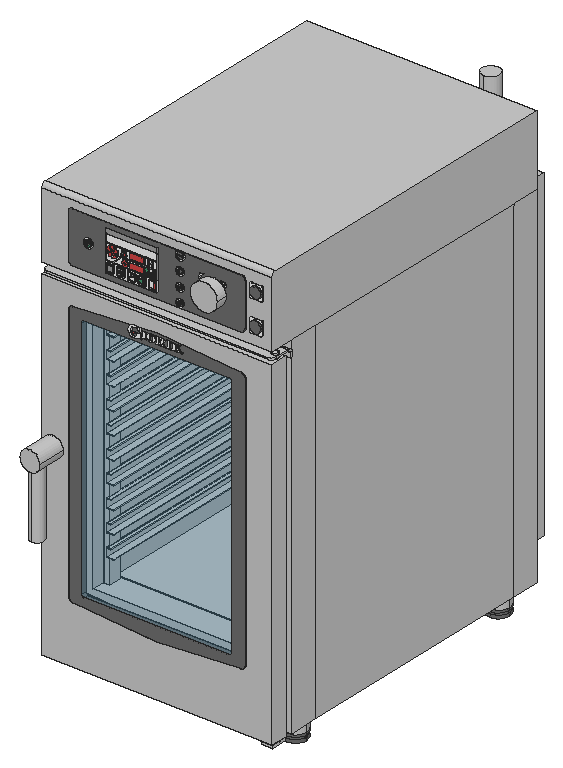
Revit family "QF_GIORIK_KH101_KT101_KP101_KH101W_KT101W_KP101W", category Specialty Equipment, Revit 2014
Parameters (values of type "KH101")
  Weight in Pounds = 242.508
  Watts = 14800 W
  Waste Water Discharge Temperature = 0 °C
  Volts = 400 V
  URL Cutsheet = ""
  URL = "www.giorik.com"
  Show Legs [instance] = yes
  Plumbing Remarks [instance] = ""
  Plumbing Connection Type [instance] = ""
  Legs height [instance] = if(Show Legs, 55 mm, 0 mm)  # 55 mm
  Indirect Waste Size = 1 1/2"
  Indirect Waste Flow = 0.0 L/s
  Indirect Waste Connection Type [instance] = ""
  Indirect Waste Connection Height = 89 mm
  Digital control = no
  Touch screen control = not(Digital control)  # yes
  Status [instance] = ""
  Specification by User [instance] = ""
  Specification by Manufacturer = ""
  Serial Number = ""
  Seismic Rating = ""
  SMACNA No = ""
  Right Hinged Door [instance] = yes
  Revision Code [instance] = ""
  Phase = 3
  Number of Poles [instance] = 3
  Left Hinged Door [instance] = not(Right Hinged Door)  # no
  NAFEM Spec ID Number = ""
  Model = "KH101"
  Min Ckt Ampacity = 0 A
  Max Overcurrent Protection = 20 A
  Masterspec = ""
  Manufacturer = "GIORIK"
  Show Logo [instance] = yes
  Show Clearance [instance] = yes
  Item Number [instance] = ""
  Installed By [instance] = ""
  Identify Quantity as Lot [instance] = no
  HP = "0"
  Furnished By [instance] = ""
  Foodservice Equipment Identifier [instance] = yes
  FL Amps = 0 A
  Electrical Remarks [instance] = ""
  Electric Connection Type [instance] = ""
  Elec Conn RI Height [instance] = 0 mm
  Elec Conn Connection Height [instance] = 889 mm
  Description = "ELECTRIC OVEN 10 GN 1/1 COMBINED CONVECTION/STEAM TOUCH SCREEN CONTROL - HIGH EFFICIENCY BOILER VERSION"
  Cycle = 50 Hz
  Conn Plug = ""
  Conn Conduit [instance] = no
  Cold Water Temperature Recommended = 0 °C
  Cold Water Size = 3/4"
  Cold Water RI Height [instance] = 0 mm
  Cold Water Minimum Pressure [instance] = 150.0 kPa
  Cold Water Maximum Pressure [instance] = 600.0 kPa
  Cold Water Flow [instance] = 0.0 L/s
  Cold Water Consumption [instance] = ""
  Cold Water Connection Height = 98 mm
  CSI MasterFormat = ""
  Assembly Code = "E1090320"
  Apparent Power = 14800 VA
Reference planes
  plane 1 "Back": y = 0
  plane 2: z = 0
  plane 3 "Left": x = 0
  plane 4 "Right": x = 519
  plane 5 "Front": y = -803
  plane 6 "Top": z = 1010
  plane 7 "Legs height": z = 55
  plane 8 "Front oven": y = -748
Forms (mm)
  Extrusion 1, solid
    sketch origin (0, 0, 0) x (1, 0, 0) y (0, 0, 1)
      loop
        line (0, 55) -> (519, 55) -> (519, 850) -> (0, 850) -> (0, 55)
    from 120 to 683
  Extrusion 2, solid
    sketch origin (0, -803, 0) x (-1, 0, 0) y (0, 0, 1)
      loop
        line (-519, 825) -> (-519, 55) -> (0, 55) -> (0, 825) -> (-519, 825)
      loop
        line (-60, 195.46) -> (-60, 774.54)
        arc (-60, 774.54) -> (-63.635, 782.253) -> (-71.898, 784.358) r 10
        arc (-71.898, 784.358) -> (-259.5, 796.841) -> (-447.102, 784.358) r 1415.936
        arc (-447.102, 784.358) -> (-455.365, 782.253) -> (-459, 774.54) r 10
        line (-459, 774.54) -> (-459, 195.46)
        arc (-459, 195.46) -> (-455.365, 187.747) -> (-447.102, 185.642) r 10
        arc (-447.102, 185.642) -> (-259.5, 173.159) -> (-71.898, 185.642) r 1415.936
        arc (-71.898, 185.642) -> (-63.635, 187.747) -> (-60, 195.46) r 10
    from 0 to 40
  Extrusion 3, solid, visible <- "Right Hinged Door"
    sketch origin (-275, -803, 200) x (-1, 0, 0) y (0, 0, 1)
      loop
        circle (-300, 285) r 22.5
    from 0 to -65
  Extrusion 4, solid
    sketch origin (0, -803, 0) x (-1, 0, 0) y (0, 0, 1)
      loop
        line (-96, 765) -> (-423, 765)
        arc (-423, 765) -> (-427.243, 763.243) -> (-429, 759) r 6
        line (-429, 759) -> (-429, 211)
        arc (-429, 211) -> (-427.243, 206.757) -> (-423, 205) r 6
        line (-423, 205) -> (-96, 205)
        arc (-96, 205) -> (-91.757, 206.757) -> (-90, 211) r 6
        line (-90, 211) -> (-90, 759)
        arc (-90, 759) -> (-91.757, 763.243) -> (-96, 765) r 6
    from 0 to 10
  Extrusion 5, solid
    sketch origin (0, 0, 1010) x (0, 1, 0) y (-1, 0, 0)
      loop
        line (-717, -70.5) -> (-705, -70.5) -> (-705, -69.5) -> (-718, -69.5) -> (-718, -85) -> (-691, -85) -> (-691, -84) -> (-717, -84) -> (-717, -70.5)
      loop
        line (-227, -105.5) -> (-227, -84) -> (-252, -84) -> (-252, -85) -> (-228, -85) -> (-228, -106.5) -> (-220, -106.5) -> (-220, -105.5) -> (-227, -105.5)
      loop
        line (-717, -448.5) -> (-717, -435) -> (-691, -435) -> (-691, -434) -> (-718, -434) -> (-718, -449.5) -> (-705, -449.5) -> (-705, -448.5) -> (-717, -448.5)
      loop
        line (-227, -413.5) -> (-220, -413.5) -> (-220, -412.5) -> (-228, -412.5) -> (-228, -434) -> (-252, -434) -> (-252, -435) -> (-227, -435) -> (-227, -413.5)
    from -211 to -821
  Extrusion 6, solid
    sketch origin (0, -748, 0) x (-1, 0, 0) y (0, 0, 1)
      loop
        line (-101, 251) -> (-101, 250) -> (-85, 250) -> (-85, 270) -> (-95, 270) -> (-95, 269) -> (-86, 269) -> (-86, 251) -> (-101, 251)
      loop
        line (-418, 251) -> (-433, 251) -> (-433, 269) -> (-424, 269) -> (-424, 270) -> (-434, 270) -> (-434, 250) -> (-418, 250) -> (-418, 251)
      loop
        line (-101, 301) -> (-101, 300) -> (-85, 300) -> (-85, 320) -> (-95, 320) -> (-95, 319) -> (-86, 319) -> (-86, 301) -> (-101, 301)
      loop
        line (-418, 301) -> (-433, 301) -> (-433, 319) -> (-424, 319) -> (-424, 320) -> (-434, 320) -> (-434, 300) -> (-418, 300) -> (-418, 301)
      loop
        line (-101, 351) -> (-101, 350) -> (-85, 350) -> (-85, 370) -> (-95, 370) -> (-95, 369) -> (-86, 369) -> (-86, 351) -> (-101, 351)
      loop
        line (-418, 351) -> (-433, 351) -> (-433, 369) -> (-424, 369) -> (-424, 370) -> (-434, 370) -> (-434, 350) -> (-418, 350) -> (-418, 351)
      loop
        line (-101, 401) -> (-101, 400) -> (-85, 400) -> (-85, 420) -> (-95, 420) -> (-95, 419) -> (-86, 419) -> (-86, 401) -> (-101, 401)
      loop
        line (-418, 401) -> (-433, 401) -> (-433, 419) -> (-424, 419) -> (-424, 420) -> (-434, 420) -> (-434, 400) -> (-418, 400) -> (-418, 401)
      loop
        line (-101, 451) -> (-101, 450) -> (-85, 450) -> (-85, 470) -> (-95, 470) -> (-95, 469) -> (-86, 469) -> (-86, 451) -> (-101, 451)
      loop
        line (-418, 451) -> (-433, 451) -> (-433, 469) -> (-424, 469) -> (-424, 470) -> (-434, 470) -> (-434, 450) -> (-418, 450) -> (-418, 451)
      loop
        line (-101, 501) -> (-101, 500) -> (-85, 500) -> (-85, 520) -> (-95, 520) -> (-95, 519) -> (-86, 519) -> (-86, 501) -> (-101, 501)
      loop
        line (-418, 501) -> (-433, 501) -> (-433, 519) -> (-424, 519) -> (-424, 520) -> (-434, 520) -> (-434, 500) -> (-418, 500) -> (-418, 501)
      loop
        line (-101, 551) -> (-101, 550) -> (-85, 550) -> (-85, 570) -> (-95, 570) -> (-95, 569) -> (-86, 569) -> (-86, 551) -> (-101, 551)
      loop
        line (-418, 551) -> (-433, 551) -> (-433, 569) -> (-424, 569) -> (-424, 570) -> (-434, 570) -> (-434, 550) -> (-418, 550) -> (-418, 551)
      loop
        line (-101, 601) -> (-101, 600) -> (-85, 600) -> (-85, 620) -> (-95, 620) -> (-95, 619) -> (-86, 619) -> (-86, 601) -> (-101, 601)
      loop
        line (-418, 601) -> (-433, 601) -> (-433, 619) -> (-424, 619) -> (-424, 620) -> (-434, 620) -> (-434, 600) -> (-418, 600) -> (-418, 601)
      loop
        line (-101, 651) -> (-101, 650) -> (-85, 650) -> (-85, 670) -> (-95, 670) -> (-95, 669) -> (-86, 669) -> (-86, 651) -> (-101, 651)
      loop
        line (-418, 651) -> (-433, 651) -> (-433, 669) -> (-424, 669) -> (-424, 670) -> (-434, 670) -> (-434, 650) -> (-418, 650) -> (-418, 651)
      loop
        line (-101, 701) -> (-101, 700) -> (-85, 700) -> (-85, 720) -> (-95, 720) -> (-95, 719) -> (-86, 719) -> (-86, 701) -> (-101, 701)
      loop
        line (-418, 701) -> (-433, 701) -> (-433, 719) -> (-424, 719) -> (-424, 720) -> (-434, 720) -> (-434, 700) -> (-418, 700) -> (-418, 701)
    from 20 to 520
  Extrusion 7, solid, visible <- "Show Clearance", detail levels coarse
    sketch origin (430, -505, 0) x (1, 0, 0) y (0, 1, 0)
      loop
        line (-430, -298) -> (-430, 505) -> (89, 505) -> (89, -298) -> (189, -298) -> (189, 605) -> (-530, 605) -> (-530, -298) -> (-430, -298)
    from 0 to 1010
  Extrusion 8, solid, visible <- "Right Hinged Door", detail levels coarse
    sketch origin (0, -8, 55) x (0, 1, 0) y (-1, 0, 0)
      loop
        line (-795, -519) -> (-795, 0)
        arc (-795, 0) -> (-1150.31, -135.689) -> (-1314, -479) r 512
        line (-1314, -479) -> (-1314, -519) -> (-795, -519)
    from 0 to 770
  Extrusion 9, solid
    sketch origin (0, -803, 0) x (-1, 0, 0) y (0, 0, 1)
      loop
        arc (-447.102, 784.358) -> (-455.365, 782.253) -> (-459, 774.54) r 10
        line (-459, 774.54) -> (-459, 195.46)
        arc (-459, 195.46) -> (-455.365, 187.747) -> (-447.102, 185.642) r 10
        arc (-447.102, 185.642) -> (-259.5, 173.159) -> (-71.898, 185.642) r 1415.936
        arc (-71.898, 185.642) -> (-63.635, 187.747) -> (-60, 195.46) r 10
        line (-60, 195.46) -> (-60, 774.54)
        arc (-60, 774.54) -> (-63.635, 782.253) -> (-71.898, 784.358) r 10
        arc (-71.898, 784.358) -> (-259.5, 796.841) -> (-447.102, 784.358) r 1415.936
      loop
        arc (-90, 759) -> (-91.757, 763.243) -> (-96, 765) r 6
        line (-96, 765) -> (-423, 765)
        arc (-423, 765) -> (-427.243, 763.243) -> (-429, 759) r 6
        line (-429, 759) -> (-429, 211)
        arc (-429, 211) -> (-427.243, 206.757) -> (-423, 205) r 6
        line (-423, 205) -> (-96, 205)
        arc (-96, 205) -> (-91.757, 206.757) -> (-90, 211) r 6
        line (-90, 211) -> (-90, 759)
    from 0 to 10
  Extrusion 10, solid, visible <- "Right Hinged Door"
    sketch origin (-275, -8, 1010) x (0, 1, 0) y (-1, 0, 0)
      loop
        circle (-841, -300) r 15
    from -690 to -525
  Extrusion 11, solid
    sketch origin (175, 182, 55) x (0, 1, 0) y (-1, 0, 0)
      loop
        circle (-203, -125) r 9.55
    from 60 to 34
  Extrusion 12, void
    sketch origin (-1000, 0, 0) x (1, 0, 0) y (0, 0, 1)
      loop
        line (1069.5, 799) -> (1069.5, 189) -> (1449.5, 189) -> (1449.5, 799) -> (1069.5, 799)
    from 208 to 748
  Extrusion 13, solid
    sketch origin (356.5, 0, -1) x (1, 0, 0) y (0, 0, 1)
      loop
        circle (80.5, 90) r 19.05
    from 45 to 55
  Extrusion 14, solid
    sketch origin (519, -8, -185) x (0, -1, 0) y (0, 0, 1)
      loop
        arc (748.5, 1020.001) -> (742.49, 1017.511) -> (740, 1011.501) r 8.5
        line (740, 1011.501) -> (740, 1001) -> (743, 1001) -> (743, 1011.501)
        arc (743, 1011.501) -> (744.611, 1015.39) -> (748.5, 1017.001) r 5.5
        line (748.5, 1017.001) -> (748.5, 1020.001)
    from 0 to 519
  Extrusion 15, solid
    sketch origin (0, 0, 1010) x (0, 1, 0) y (-1, 0, 0)
      loop
        line (-756.5, 0) -> (-793, 0)
        arc (-793, 0) -> (-800.071, -2.929) -> (-803, -10) r 10
        line (-803, -10) -> (-803, -509)
        arc (-803, -509) -> (-800.071, -516.071) -> (-793, -519) r 10
        line (-793, -519) -> (-756.5, -519) -> (-756.5, 0)
    from -178 to -175
  Extrusion 16, solid, visible <- "Touch screen control"
    sketch origin (-500, -803, -40) x (-1, 0, 0) y (0, 0, 1)
      loop
        line (-604.2, 972.451) -> (-605.8, 972.451) -> (-605.8, 965) -> (-604.2, 965) -> (-604.2, 972.451)
      loop
        line (-606.5, 971.325) -> (-606.5, 969.77)
        arc (-606.5, 969.77) -> (-605, 960) -> (-603.5, 969.77) r 5
        line (-603.5, 969.77) -> (-603.5, 971.325)
        arc (-603.5, 971.325) -> (-605, 958.5) -> (-606.5, 971.325) r 6.5
      loop
        circle (-725.279, 931.84) r 4.5
      loop
        line (-758.755, 960.908) -> (-758.755, 947.352) -> (-756.151, 947.352) -> (-756.151, 960.908) -> (-758.755, 960.908)
      loop
        line (-754.755, 958.908) -> (-754.755, 947.352) -> (-752.151, 947.352) -> (-752.151, 958.908) -> (-754.755, 958.908)
      loop
        line (-750.755, 956.908) -> (-750.755, 947.352) -> (-748.151, 947.352) -> (-748.151, 956.908) -> (-750.755, 956.908)
      loop
        line (-746.755, 954.908) -> (-746.755, 947.352) -> (-744.151, 947.352) -> (-744.151, 954.908) -> (-746.755, 954.908)
      loop
        line (-742.755, 952.908) -> (-742.755, 947.352) -> (-740.151, 947.352) -> (-740.151, 952.908) -> (-742.755, 952.908)
      loop
        line (-738.755, 950.908) -> (-738.755, 947.352) -> (-736.151, 947.352) -> (-736.151, 950.908) -> (-738.755, 950.908)
      loop
        circle (-738.173, 958.223) r 4
    from 0 to -2
  Extrusion 17, solid, visible <- "Touch screen control"
    sketch origin (-500, -803, -35) x (-1, 0, 0) y (0, 0, 1)
      loop
        arc (-690.938, 966.13) -> (-689.438, 961.413) -> (-687.938, 966.13) r 2.597
        line (-687.938, 966.13) -> (-687.938, 973.989)
        arc (-687.938, 973.989) -> (-689.438, 975.489) -> (-690.938, 973.989) r 1.5
        line (-690.938, 973.989) -> (-690.938, 966.13)
      loop
        line (-700.102, 974.432) -> (-730.102, 974.432) -> (-730.102, 961.873) -> (-700.102, 961.873) -> (-700.102, 974.432)
      loop
        line (-700.102, 954.432) -> (-730.102, 954.432) -> (-730.102, 941.873) -> (-700.102, 941.873) -> (-700.102, 954.432)
      loop
        circle (-689.163, 948.706) r 7
      loop
        circle (-660.557, 962.463) r 2.5
      loop
        line (-659.449, 965.572) -> (-656.829, 971.19) -> (-658.704, 974.438)
        arc (-658.704, 974.438) -> (-664.206, 974.155) -> (-668.842, 971.18) r 10.731
        line (-668.842, 971.18) -> (-664.348, 971.18) -> (-661.824, 965.511)
        arc (-661.824, 965.511) -> (-660.642, 965.762) -> (-659.449, 965.572) r 3.3
      loop
        line (-663.171, 964.478) -> (-667.705, 968.706) -> (-671.373, 967.926)
        arc (-671.373, 967.926) -> (-672.804, 962.606) -> (-671.407, 957.277) r 10.731
        line (-671.407, 957.277) -> (-670.018, 961.551) -> (-663.846, 962.2)
        arc (-663.846, 962.2) -> (-663.721, 963.402) -> (-663.171, 964.478) r 3.3
      loop
        line (-657.258, 962.37) -> (-651.105, 961.615) -> (-648.595, 964.401)
        arc (-648.595, 964.401) -> (-650.565, 969.547) -> (-654.827, 973.037) r 10.731
        line (-654.827, 973.037) -> (-653.438, 968.762) -> (-658.05, 964.61)
        arc (-658.05, 964.61) -> (-657.445, 963.564) -> (-657.258, 962.37) r 3.3
      loop
        line (-663.28, 960.599) -> (-668.702, 957.594) -> (-669.094, 953.864)
        arc (-669.094, 953.864) -> (-664.477, 950.859) -> (-658.977, 950.541) r 10.731
        line (-658.977, 950.541) -> (-662.613, 953.183) -> (-661.323, 959.253)
        arc (-661.323, 959.253) -> (-662.427, 959.744) -> (-663.28, 960.599) r 3.3
      loop
        line (-659.626, 959.297) -> (-658.443, 953.212) -> (-655.017, 951.686)
        arc (-655.017, 951.686) -> (-650.732, 955.149) -> (-648.73, 960.282) r 10.731
        line (-648.73, 960.282) -> (-652.366, 957.64) -> (-657.741, 960.742)
        arc (-657.741, 960.742) -> (-658.549, 959.844) -> (-659.626, 959.297) r 3.3
      loop
        line (-687.655, 947.008) -> (-689.17, 948.279) -> (-684.047, 951.735) -> (-684.733, 952.752) -> (-690.148, 949.1) -> (-693.772, 952.14) -> (-694.56, 951.2) -> (-691.206, 948.386) -> (-692.349, 947.615) -> (-691.663, 946.598) -> (-690.228, 947.565) -> (-688.443, 946.068) -> (-687.655, 947.008)
      loop
        arc (-757.5, 924.717) -> (-756, 920) -> (-754.5, 924.717) r 2.597
        line (-754.5, 924.717) -> (-754.5, 932.576)
        arc (-754.5, 932.576) -> (-756, 934.076) -> (-757.5, 932.576) r 1.5
        line (-757.5, 932.576) -> (-757.5, 924.717)
    from 0 to -2
  Extrusion 18, solid, visible <- "Right Hinged Door"
    sketch origin (-341, -8, 55) x (0, 1, 0) y (-1, 0, 0)
      loop
        line (-791.5, -859) -> (-756.5, -859) -> (-744, -841) -> (-684, -841) -> (-684, -829)
        arc (-684, -829) -> (-692.752, -810) -> (-684, -791) r 25
        line (-684, -791) -> (-684, -781) -> (-738.5, -781) -> (-791.5, -834) -> (-791.5, -859)
    from -3 to -8
  Revolve 19, solid, visible <- "Right Hinged Door"
    sketch origin (-341, -781, -185) x (-1, 0, 0) y (0, 0, 1)
      loop
        line (-848.5, 1025.401) -> (-848.5, 1010) -> (-842.5, 1010) -> (-842.5, 1014.5) -> (-839, 1014.5) -> (-839, 1017) -> (-841.5, 1017) -> (-841.5, 1021.5) -> (-845, 1025.401) -> (-848.5, 1025.401)
      axis (-848.5, 1025.401) -> (-848.5, 1010)
    angle from 0 to 360
  Revolve 20, solid, visible <- "Right Hinged Door"
    sketch origin (-341, -781, 0) x (-1, 0, 0) y (0, 0, 1)
      loop
        line (-848.5, 41.599) -> (-845, 41.599) -> (-841.5, 45.5) -> (-841.5, 52.5) -> (-838, 52.5) -> (-838, 55) -> (-848.5, 55) -> (-848.5, 41.599)
      axis (-848.5, 41.599) -> (-848.5, 55)
    angle from 0 to 360
  Extrusion 21, solid, visible <- "Left Hinged Door"
    sketch origin (794, -803, 200) x (1, 0, 0) y (0, 0, -1)
      loop
        circle (-300, -285) r 22.5
    from 0 to -65
  Extrusion 22, solid, visible <- "Left Hinged Door", detail levels coarse
    sketch origin (1135, -8, 55) x (0, 1, 0) y (-1, 0, 0)
      loop
        line (-795, 1135) -> (-1314, 1135) -> (-1314, 1095)
        arc (-1314, 1095) -> (-1150.31, 751.689) -> (-795, 616) r 512
        line (-795, 616) -> (-795, 1135)
    from 0 to 770
  Extrusion 23, solid, visible <- "Left Hinged Door"
    sketch origin (794, -8, 1010) x (0, 1, 0) y (-1, 0, 0)
      loop
        circle (-841, 300) r 15
    from -690 to -525
  Revolve 24, solid, visible <- "Left Hinged Door"
    sketch origin (860, -781, 0) x (1, 0, 0) y (0, 0, -1)
      loop
        line (-848.5, -41.599) -> (-848.5, -55) -> (-838, -55) -> (-838, -52.5) -> (-841.5, -52.5) -> (-841.5, -45.5) -> (-845, -41.599) -> (-848.5, -41.599)
      axis (-848.5, -41.599) -> (-848.5, -55)
    angle from 0 to 360
  Extrusion 25, solid, visible <- "Touch screen control"
    sketch origin (-500, -803, -50) x (-1, 0, 0) y (0, 0, 1)
      loop
        circle (-605, 975) r 10
      loop
        circle (-605, 975) r 8.5
      loop
        circle (-812, 1023) r 10
      loop
        circle (-812, 1023) r 8.5
      loop
        circle (-812, 991) r 8.5
      loop
        circle (-812, 991) r 7
      loop
        circle (-812, 959) r 8.5
      loop
        circle (-812, 959) r 7
      loop
        circle (-812, 927) r 8.5
      loop
        circle (-812, 927) r 7
      loop
        line (-645, 930) -> (-645, 1020) -> (-761, 1020) -> (-761, 930) -> (-645, 930)
      loop
        line (-818.5, 1022.5) -> (-805.5, 1022.5) -> (-805.5, 1023.5) -> (-818.5, 1023.5) -> (-818.5, 1022.5)
      loop
        line (-854.895, 993.105) -> (-856.495, 1004.486) -> (-865.962, 1004.486)
        arc (-865.962, 1004.486) -> (-859.858, 999.35) -> (-854.895, 993.105) r 40
      loop
        arc (-811, 927.209) -> (-812, 932) -> (-813, 927.209) r 2.5
        line (-813, 927.209) -> (-813, 924)
        arc (-813, 924) -> (-812, 923) -> (-811, 924) r 1
        line (-811, 924) -> (-811, 927.209)
      loop
        arc (-915.105, 993.105) -> (-910.142, 999.35) -> (-904.038, 1004.486) r 40
        line (-904.038, 1004.486) -> (-913.505, 1004.486) -> (-915.105, 993.105)
      loop
        line (-807, 960.427) -> (-817, 960.427) -> (-817, 957.547) -> (-807, 957.547) -> (-807, 960.427)
      loop
        line (-815.767, 986.618) -> (-807.756, 986.618) -> (-807.756, 995.305) -> (-809.708, 995.305) -> (-809.708, 996.559) -> (-812.516, 994.805) -> (-809.708, 993.051) -> (-809.708, 994.305) -> (-808.756, 994.305) -> (-808.756, 987.618) -> (-815.767, 987.618) -> (-815.767, 986.618)
    from 0.5 to -1.5
  Extrusion 26, solid, visible <- "Touch screen control"
    sketch origin (-500, -803, -68) x (-1, 0, 0) y (0, 0, 1)
      loop
        line (-645, 1038) -> (-761, 1038) -> (-761, 1028) -> (-761, 973) -> (-645, 973) -> (-645, 1028) -> (-645, 1038)
      loop
        line (-760, 1028) -> (-760, 1011.245) -> (-646, 1011.245) -> (-646, 1028) -> (-760, 1028)
      loop
        line (-649, 969) -> (-661, 969)
        arc (-661, 969) -> (-663.121, 968.121) -> (-664, 966) r 3
        line (-664, 966) -> (-664, 954)
        arc (-664, 954) -> (-663.121, 951.879) -> (-661, 951) r 3
        line (-661, 951) -> (-649, 951)
        arc (-649, 951) -> (-646.879, 951.879) -> (-646, 954) r 3
        line (-646, 954) -> (-646, 966)
        arc (-646, 966) -> (-646.879, 968.121) -> (-649, 969) r 3
      loop
        line (-649, 968) -> (-661, 968)
        arc (-661, 968) -> (-662.414, 967.414) -> (-663, 966) r 2
        line (-663, 966) -> (-663, 954)
        arc (-663, 954) -> (-662.414, 952.586) -> (-661, 952) r 2
        line (-661, 952) -> (-649, 952)
        arc (-649, 952) -> (-647.586, 952.586) -> (-647, 954) r 2
        line (-647, 954) -> (-647, 966)
        arc (-647, 966) -> (-647.586, 967.414) -> (-649, 968) r 2
      loop
        line (-673, 969) -> (-685, 969)
        arc (-685, 969) -> (-687.121, 968.121) -> (-688, 966) r 3
        line (-688, 966) -> (-688, 954)
        arc (-688, 954) -> (-687.121, 951.879) -> (-685, 951) r 3
        line (-685, 951) -> (-673, 951)
        arc (-673, 951) -> (-670.879, 951.879) -> (-670, 954) r 3
        line (-670, 954) -> (-670, 966)
        arc (-670, 966) -> (-670.879, 968.121) -> (-673, 969) r 3
      loop
        line (-673, 968) -> (-685, 968)
        arc (-685, 968) -> (-686.414, 967.414) -> (-687, 966) r 2
        line (-687, 966) -> (-687, 954)
        arc (-687, 954) -> (-686.414, 952.586) -> (-685, 952) r 2
        line (-685, 952) -> (-673, 952)
        arc (-673, 952) -> (-671.586, 952.586) -> (-671, 954) r 2
        line (-671, 954) -> (-671, 966)
        arc (-671, 966) -> (-671.586, 967.414) -> (-673, 968) r 2
      loop
        line (-697, 969) -> (-709, 969)
        arc (-709, 969) -> (-711.121, 968.121) -> (-712, 966) r 3
        line (-712, 966) -> (-712, 954)
        arc (-712, 954) -> (-711.121, 951.879) -> (-709, 951) r 3
        line (-709, 951) -> (-697, 951)
        arc (-697, 951) -> (-694.879, 951.879) -> (-694, 954) r 3
        line (-694, 954) -> (-694, 966)
        arc (-694, 966) -> (-694.879, 968.121) -> (-697, 969) r 3
      loop
        line (-697, 968) -> (-709, 968)
        arc (-709, 968) -> (-710.414, 967.414) -> (-711, 966) r 2
        line (-711, 966) -> (-711, 954)
        arc (-711, 954) -> (-710.414, 952.586) -> (-709, 952) r 2
        line (-709, 952) -> (-697, 952)
        arc (-697, 952) -> (-695.586, 952.586) -> (-695, 954) r 2
        line (-695, 954) -> (-695, 966)
        arc (-695, 966) -> (-695.586, 967.414) -> (-697, 968) r 2
      loop
        line (-721, 969) -> (-733, 969)
        arc (-733, 969) -> (-735.121, 968.121) -> (-736, 966) r 3
        line (-736, 966) -> (-736, 954)
        arc (-736, 954) -> (-735.121, 951.879) -> (-733, 951) r 3
        line (-733, 951) -> (-721, 951)
        arc (-721, 951) -> (-718.879, 951.879) -> (-718, 954) r 3
        line (-718, 954) -> (-718, 966)
        arc (-718, 966) -> (-718.879, 968.121) -> (-721, 969) r 3
      loop
        line (-721, 968) -> (-733, 968)
        arc (-733, 968) -> (-734.414, 967.414) -> (-735, 966) r 2
        line (-735, 966) -> (-735, 954)
        arc (-735, 954) -> (-734.414, 952.586) -> (-733, 952) r 2
        line (-733, 952) -> (-721, 952)
        arc (-721, 952) -> (-719.586, 952.586) -> (-719, 954) r 2
        line (-719, 954) -> (-719, 966)
        arc (-719, 966) -> (-719.586, 967.414) -> (-721, 968) r 2
      loop
        line (-745, 969) -> (-757, 969)
        arc (-757, 969) -> (-759.121, 968.121) -> (-760, 966) r 3
        line (-760, 966) -> (-760, 954)
        arc (-760, 954) -> (-759.121, 951.879) -> (-757, 951) r 3
        line (-757, 951) -> (-745, 951)
        arc (-745, 951) -> (-742.879, 951.879) -> (-742, 954) r 3
        line (-742, 954) -> (-742, 966)
        arc (-742, 966) -> (-742.879, 968.121) -> (-745, 969) r 3
      loop
        line (-745, 968) -> (-757, 968)
        arc (-757, 968) -> (-758.414, 967.414) -> (-759, 966) r 2
        line (-759, 966) -> (-759, 954)
        arc (-759, 954) -> (-758.414, 952.586) -> (-757, 952) r 2
        line (-757, 952) -> (-745, 952)
        arc (-745, 952) -> (-743.586, 952.586) -> (-743, 954) r 2
        line (-743, 954) -> (-743, 966)
        arc (-743, 966) -> (-743.586, 967.414) -> (-745, 968) r 2
      loop
        line (-760, 974) -> (-732.283, 974) -> (-732.283, 991.245) -> (-760, 991.245) -> (-760, 974)
      loop
        line (-646, 974) -> (-646, 1010.245) -> (-683.232, 1010.245)
        arc (-683.232, 1010.245) -> (-674.645, 987.082) -> (-653.689, 974) r 38.245
        line (-653.689, 974) -> (-646, 974)
      loop
        arc (-679.339, 992.245) -> (-682.871, 1000.95) -> (-684.233, 1010.245) r 39.245
        line (-684.233, 1010.245) -> (-731.283, 1010.245) -> (-731.283, 992.245) -> (-679.339, 992.245)
      loop
        line (-678.767, 991.245) -> (-731.283, 991.245) -> (-731.283, 974) -> (-657.369, 974)
        arc (-657.369, 974) -> (-669.627, 980.688) -> (-678.767, 991.245) r 39.245
      loop
        line (-760, 992.245) -> (-732.283, 992.245) -> (-732.283, 1010.245) -> (-760, 1010.245) -> (-760, 992.245)
      loop
        line (-697.094, 957.465) -> (-701.225, 961.596)
        arc (-701.225, 961.596) -> (-702.562, 964.46) -> (-705.585, 965.385) r 3.889
        line (-705.585, 965.385) -> (-708.039, 965.385)
        arc (-708.039, 965.385) -> (-709.54, 963.884) -> (-708.039, 962.384) r 1.501
        line (-708.039, 962.384) -> (-706.381, 962.384)
        arc (-706.381, 962.384) -> (-704.72, 960.777) -> (-702.444, 960.377) r 3.942
        line (-702.444, 960.377) -> (-698.312, 956.246)
        arc (-698.312, 956.246) -> (-697.094, 956.246) -> (-697.094, 957.465) r 0.862
      loop
        line (-683.054, 966.463) -> (-683.054, 963.694) -> (-671.81, 963.694) -> (-671.81, 966.463) -> (-683.054, 966.463)
      loop
        line (-683.054, 961.811) -> (-683.054, 959.042) -> (-671.81, 959.042) -> (-671.81, 961.811) -> (-683.054, 961.811)
      loop
        line (-683.054, 956.811) -> (-683.054, 954.042) -> (-671.81, 954.042) -> (-671.81, 956.811) -> (-683.054, 956.811)
      loop
        line (-649, 966) -> (-661, 966) -> (-661, 954) -> (-649, 954) -> (-649, 966)
      loop
        line (-754.5, 957.717) -> (-754.5, 965.576)
        arc (-754.5, 965.576) -> (-756, 967.076) -> (-757.5, 965.576) r 1.5
        line (-757.5, 965.576) -> (-757.5, 957.717)
        arc (-757.5, 957.717) -> (-756, 953) -> (-754.5, 957.717) r 2.597
      loop
        line (-731.081, 957.297) -> (-731.081, 963.597)
        arc (-731.081, 963.597) -> (-732.283, 964.8) -> (-733.486, 963.597) r 1.202
        line (-733.486, 963.597) -> (-733.486, 957.297)
        arc (-733.486, 957.297) -> (-732.283, 953.515) -> (-731.081, 957.297) r 2.082
      loop
        line (-742.163, 1007.702) -> (-742.163, 1002.021) -> (-750.12, 1002.021) -> (-750.12, 1007.702) -> (-751.74, 1007.702) -> (-751.74, 994.74) -> (-750.12, 994.74) -> (-750.12, 1000.421) -> (-742.163, 1000.421) -> (-742.163, 994.74) -> (-740.543, 994.74) -> (-740.543, 1007.702) -> (-742.163, 1007.702)
    from 0 to -2
  Extrusion 27, solid, visible <- "Show Logo", detail levels medium+fine
    sketch origin (121.547, -803, 71.721) x (-1, 0, 0) y (0, 0, 1)
      loop
        line (-104.547, 718.962) -> (-115.547, 718.962) -> (-112.754, 716.618) -> (-112.754, 706.306) -> (-115.547, 703.962) -> (-104.547, 703.962) -> (-107.34, 706.306) -> (-107.34, 716.618) -> (-104.547, 718.962)
      loop
        line (-159.547, 718.962) -> (-170.547, 718.962) -> (-167.754, 716.618) -> (-167.754, 706.306) -> (-170.547, 703.962) -> (-159.547, 703.962) -> (-162.34, 706.306) -> (-162.34, 716.618) -> (-159.547, 718.962)
      loop
        line (-172.547, 718.962) -> (-183.547, 718.962) -> (-180.754, 716.618) -> (-180.754, 711.706) -> (-187.354, 717.244) -> (-184.9, 718.962) -> (-193.294, 718.962) -> (-189.303, 717.101) -> (-186.172, 713.97) -> (-192.777, 706.098) -> (-195.9, 704.962) -> (-195.9, 703.962) -> (-184.9, 703.962) -> (-186.151, 705.747) -> (-182.483, 710.625) -> (-180.754, 709.818) -> (-180.754, 706.306) -> (-183.547, 703.962) -> (-172.547, 703.962) -> (-175.34, 706.306) -> (-175.34, 716.618) -> (-172.547, 718.962)
      loop
        line (-100.387, 723.5) -> (-100.387, 713.865)
        arc (-100.387, 713.865) -> (-95.719, 718.282) -> (-89.875, 720.956) r 19.648
        arc (-89.875, 720.956) -> (-85.547, 720.774) -> (-82.114, 718.131) r 7.168
        arc (-82.114, 718.131) -> (-80.034, 711.5) -> (-82.114, 704.868) r 11.613
        arc (-82.114, 704.868) -> (-84.434, 702.581) -> (-87.423, 701.287) r 8.864
        arc (-87.423, 701.287) -> (-90.954, 701.508) -> (-93.801, 703.608) r 6.26
        line (-93.801, 703.608) -> (-93.801, 711.174) -> (-101.26, 711.174) -> (-101.26, 703.213) -> (-103.406, 701.068) -> (-98.753, 702.314)
        arc (-98.753, 702.314) -> (-96.873, 702.533) -> (-95.12, 701.821) r 3.816
        arc (-95.12, 701.821) -> (-86.651, 699.034) -> (-78.183, 701.821) r 14.26
        arc (-78.183, 701.821) -> (-73.396, 711.305) -> (-78.183, 720.788) r 11.787
        arc (-78.183, 720.788) -> (-86.838, 723.637) -> (-95.494, 720.788) r 14.575
        line (-95.494, 720.788) -> (-100.387, 723.5)
      loop
        arc (-117.299, 716.157) -> (-125.457, 719.293) -> (-133.615, 716.157) r 12.178
        arc (-133.615, 716.157) -> (-135.675, 711.524) -> (-133.615, 706.891) r 6.24
        arc (-133.615, 706.891) -> (-125.457, 703.755) -> (-117.299, 706.891) r 12.178
        arc (-117.299, 706.891) -> (-115.239, 711.524) -> (-117.299, 716.157) r 6.24
      loop
        arc (-121.457, 714.117) -> (-125.457, 718.117) -> (-129.457, 714.117) r 4
        line (-129.457, 714.117) -> (-129.457, 708.931)
        arc (-129.457, 708.931) -> (-125.457, 704.931) -> (-121.457, 708.931) r 4
        line (-121.457, 708.931) -> (-121.457, 714.117)
      loop
        arc (-150.534, 718.971) -> (-154.557, 714.947) -> (-150.534, 710.923) r 4.024
        line (-150.534, 710.923) -> (-154.412, 705.423) -> (-157.545, 703.962) -> (-149.901, 703.962) -> (-147.062, 710.05) -> (-143.519, 710.05) -> (-143.519, 706.008) -> (-146.441, 703.962) -> (-135.402, 703.962) -> (-137.953, 705.881) -> (-137.953, 716.677) -> (-135.669, 718.971) -> (-150.534, 718.971)
      loop
        line (-143.519, 717.926) -> (-147.194, 717.926)
        arc (-147.194, 717.926) -> (-150.379, 714.741) -> (-147.194, 711.556) r 3.185
        line (-147.194, 711.556) -> (-143.519, 711.556) -> (-143.519, 717.926)
    from 1 to -1
  Extrusion 28, solid, visible <- "Show Logo", detail levels medium+fine
    sketch origin (119.547, -803, 71.721) x (-1, 0, 0) y (0, 0, 1)
      loop
        line (-83.301, 711.174) -> (-95.301, 711.174) -> (-89.301, 706.174) -> (-83.301, 711.174)
    from 1 to -1
  Extrusion 29, solid, visible <- "Show Legs"
    sketch origin (-10, -30, 0) x (1, 0, 0) y (0, 1, 0)
      loop
        circle (60, -72) r 25
    from 0 to 6
  Extrusion 30, solid, visible <- "Show Legs"
    sketch origin (-10, -30, 0) x (1, 0, 0) y (0, 1, 0)
      loop
        circle (60, -72) r 25
    from 17 to 55
  Extrusion 31, solid, visible <- "Show Legs"
    sketch origin (409, -30, 0) x (1, 0, 0) y (0, 1, 0)
      loop
        circle (60, -72) r 25
    from 0 to 6
  Extrusion 32, solid, visible <- "Show Legs"
    sketch origin (409, -30, 0) x (1, 0, 0) y (0, 1, 0)
      loop
        circle (60, -72) r 25
    from 17 to 55
  Extrusion 33, solid, visible <- "Show Legs"
    sketch origin (-10, -596, 0) x (1, 0, 0) y (0, 1, 0)
      loop
        circle (60, -79) r 25
    from 0 to 6
  Extrusion 34, solid, visible <- "Show Legs"
    sketch origin (-10, -596, 0) x (1, 0, 0) y (0, 1, 0)
      loop
        circle (60, -79) r 25
    from 17 to 55
  Extrusion 35, solid, visible <- "Show Legs"
    sketch origin (409, -596, 0) x (1, 0, 0) y (0, 1, 0)
      loop
        circle (60, -79) r 25
    from 0 to 6
  Extrusion 36, solid, visible <- "Show Legs"
    sketch origin (409, -596, 0) x (1, 0, 0) y (0, 1, 0)
      loop
        circle (60, -79) r 25
    from 17 to 55
  Extrusion 37, solid, visible <- "Show Legs"
    sketch origin (-10, -30, 0) x (1, 0, 0) y (0, 1, 0)
      loop
        circle (60, -72) r 23
    from 6 to 12
  Extrusion 38, solid, visible <- "Show Legs"
    sketch origin (409, -30, 0) x (1, 0, 0) y (0, 1, 0)
      loop
        circle (60, -72) r 23
    from 6 to 12
  Extrusion 39, solid, visible <- "Show Legs"
    sketch origin (-10, -596, 0) x (1, 0, 0) y (0, 1, 0)
      loop
        circle (60, -79) r 23
    from 6 to 12
  Extrusion 40, solid, visible <- "Show Legs"
    sketch origin (409, -596, 0) x (1, 0, 0) y (0, 1, 0)
      loop
        circle (60, -79) r 23
    from 6 to 12
  Extrusion 41, solid, visible <- "Show Legs"
    sketch origin (-10, -30, 0) x (1, 0, 0) y (0, 1, 0)
      loop
        circle (60, -72) r 25
    from 12 to 17
  Extrusion 42, solid, visible <- "Show Legs"
    sketch origin (409, -30, 0) x (1, 0, 0) y (0, 1, 0)
      loop
        circle (60, -72) r 25
    from 12 to 17
  Extrusion 43, solid, visible <- "Show Legs"
    sketch origin (-10, -596, 0) x (1, 0, 0) y (0, 1, 0)
      loop
        circle (60, -79) r 25
    from 12 to 17
  Extrusion 44, solid, visible <- "Show Legs"
    sketch origin (409, -596, 0) x (1, 0, 0) y (0, 1, 0)
      loop
        circle (60, -79) r 25
    from 12 to 17
  Extrusion 45, solid
    sketch origin (0, 0, 0) x (1, 0, 0) y (0, 0, 1)
      loop
        line (0, 55) -> (519, 55) -> (519, 850) -> (0, 850) -> (0, 55)
    from 55 to 120
  Extrusion 46, solid
    sketch origin (0, -803, 0) x (-1, 0, 0) y (0, 0, 1)
      loop
        arc (-60, 972.754) -> (-62.969, 979.864) -> (-70.112, 982.753) r 10
        arc (-70.112, 982.753) -> (-259.5, 989.328) -> (-448.888, 982.753) r 2730.844
        arc (-448.888, 982.753) -> (-456.031, 979.864) -> (-459, 972.754) r 10
        line (-459, 972.754) -> (-459, 877.246)
        arc (-459, 877.246) -> (-456.336, 870.45) -> (-449.764, 867.275) r 10
        arc (-449.764, 867.275) -> (-259.5, 860) -> (-69.236, 867.275) r 2491.516
        arc (-69.236, 867.275) -> (-62.664, 870.45) -> (-60, 877.246) r 10
        line (-60, 877.246) -> (-60, 972.754)
    from -0.5 to 2
  Extrusion 47, solid
    sketch origin (0, 0, 0) x (1, 0, 0) y (0, 0, 1)
      loop
        line (30, 115) -> (489, 115) -> (489, 850) -> (30, 850) -> (30, 115)
    from 0 to 55
  Extrusion 48, solid
    sketch origin (0, 0, 0) x (0, 1, 0) y (0, 0, 1)
      loop
        line (-55, 1010) -> (-793, 1010)
        arc (-793, 1010) -> (-800.042, 1007.042) -> (-803, 1000) r 10.1
        line (-803, 1000) -> (-803, 850) -> (-55, 850) -> (-55, 1010)
    from 0 to 519
  Revolve 49, solid, visible <- "Left Hinged Door"
    sketch origin (860, -781, -185) x (1, 0, 0) y (0, 0, -1)
      loop
        line (-848.5, -1025.401) -> (-845, -1025.401) -> (-841.5, -1021.5) -> (-841.5, -1017) -> (-839, -1017) -> (-839, -1014.5) -> (-842.5, -1014.5) -> (-842.5, -1010) -> (-848.5, -1010) -> (-848.5, -1025.401)
      axis (-848.5, -1025.401) -> (-848.5, -1010)
    angle from 0 to 360
  Extrusion 50, solid, visible <- "Right Hinged Door"
    sketch origin (0, 0, 55) x (0, 1, 0) y (-1, 0, 0)
      loop
        circle (-712, -492) r 6
      loop
        circle (-700, -448) r 6
      loop
        circle (-725, -448) r 6
    from 0 to -12
  Extrusion 51, solid, visible <- "Left Hinged Door"
    sketch origin (860, -8, 55) x (0, 1, 0) y (-1, 0, 0)
      loop
        line (-791.5, 859) -> (-791.5, 834) -> (-738.5, 781) -> (-684, 781) -> (-684, 791)
        arc (-684, 791) -> (-692.752, 810) -> (-684, 829) r 25
        line (-684, 829) -> (-684, 841) -> (-744, 841) -> (-756.5, 859) -> (-791.5, 859)
    from -3 to -8
  Extrusion 52, solid, visible <- "Left Hinged Door"
    sketch origin (519, 0, 55) x (0, 1, 0) y (-1, 0, 0)
      loop
        circle (-712, 492) r 6
      loop
        circle (-700, 448) r 6
      loop
        circle (-725, 448) r 6
    from 0 to -12
  Extrusion 53, solid, visible <- "Touch screen control"
    sketch origin (0, -803, 0) x (-1, 0, 0) y (0, 0, 1)
      loop
        circle (-385, 925) r 30
    from 0 to -23.806
  Extrusion 54, solid
    sketch origin (-63.25, -600, 726.5) x (0, 0, 1) y (-1, 0, 0)
      loop
        line (146.479, -112.5) -> (162.5, -121.75) -> (178.521, -112.5) -> (178.521, -94) -> (162.5, -84.75) -> (146.479, -94) -> (146.479, -112.5)
    from -568 to -558
  Extrusion 55, solid
    sketch origin (0, 0, 0) x (1, 0, 0) y (0, 0, 1)
      loop
        circle (40, 889) r 15
    from 55 to 42
  Extrusion 56, solid
    sketch origin (-63.25, -600, 726.5) x (0, 0, 1) y (-1, 0, 0)
      loop
        line (146.479, -112.5) -> (162.5, -121.75) -> (178.521, -112.5) -> (178.521, -94) -> (162.5, -84.75) -> (146.479, -94) -> (146.479, -112.5)
    from -550 to -545
  Revolve 57, solid
    sketch origin (40, 291, 726.5) x (0, 0, 1) y (0, -1, 0)
      loop
        line (162.5, 323) -> (162.5, 315) -> (173.5, 315)
        arc (173.5, 315) -> (177.132, 318.292) -> (178.5, 323) r 9
        line (178.5, 323) -> (162.5, 323)
      axis (162.5, 315) -> (162.5, 323)
    angle from 0 to 360
  Extrusion 58, solid
    sketch origin (519, 0, 0) x (0, -1, 0) y (0, 0, 1)
      loop
        arc (55, 947) -> (53.536, 950.536) -> (50, 952) r 5
        line (50, 952) -> (45, 952) -> (45, 950) -> (50, 950)
        arc (50, 950) -> (52.121, 949.121) -> (53, 947) r 3
        line (53, 947) -> (53, 940) -> (43, 940) -> (43, 860) -> (55, 860) -> (55, 947)
    from 25 to 225
  Blend 59, solid
    base sketch origin (0, 0, 1010) x (0, 1, 0) y (-1, 0, 0)
      loop
        circle (-27, -392) r 25
    top sketch origin (0, 0, 1010) x (0, 1, 0) y (-1, 0, 0)
      loop
        circle (-27, -392) r 20
    from -160 to -152
  Extrusion 60, solid
    sketch origin (0, 0, 1010) x (0, 1, 0) y (-1, 0, 0)
      loop
        circle (-27, -392) r 20
    from -152 to 22
  Extrusion 61, solid
    sketch origin (0, -748, 0) x (-1, 0, 0) y (0, 0, 1)
      loop
        line (0, 55) -> (0, 850) -> (-519, 850) -> (-519, 55) -> (0, 55)
      loop
        line (-69.5, 799) -> (-435, 799) -> (-435, 189) -> (-69.5, 189) -> (-69.5, 799)
    from 0 to 65
  Extrusion 62, solid
    sketch origin (0, -748, 0) x (-1, 0, 0) y (0, 0, 1)
      loop
        line (-504.063, 810) -> (-504.063, 70) -> (-14.937, 70) -> (-14.937, 810) -> (-504.063, 810)
      loop
        line (-29.937, 795) -> (-489.063, 795) -> (-489.063, 85) -> (-29.937, 85) -> (-29.937, 795)
    from 0 to -15
  Extrusion 63, solid
    sketch origin (0, -803, 1) x (-1, 0, 0) y (0, 0, 1)
      loop
        arc (-496, 975) -> (-498.121, 974.121) -> (-499, 972) r 3
        line (-499, 972) -> (-499, 946)
        arc (-499, 946) -> (-498.121, 943.879) -> (-496, 943) r 3
        line (-496, 943) -> (-474, 943)
        arc (-474, 943) -> (-471.879, 943.879) -> (-471, 946) r 3
        line (-471, 946) -> (-471, 972)
        arc (-471, 972) -> (-471.879, 974.121) -> (-474, 975) r 3
        line (-474, 975) -> (-496, 975)
    from 0 to -2
  Extrusion 64, solid
    sketch origin (0, -803, 1) x (-1, 0, 0) y (0, 0, 1)
      loop
        circle (-485, 959) r 12.5
    from -2 to -5
  Extrusion 65, solid
    sketch origin (0, -803, -69) x (-1, 0, 0) y (0, 0, 1)
      loop
        arc (-496, 975) -> (-498.121, 974.121) -> (-499, 972) r 3
        line (-499, 972) -> (-499, 946)
        arc (-499, 946) -> (-498.121, 943.879) -> (-496, 943) r 3
        line (-496, 943) -> (-474, 943)
        arc (-474, 943) -> (-471.879, 943.879) -> (-471, 946) r 3
        line (-471, 946) -> (-471, 972)
        arc (-471, 972) -> (-471.879, 974.121) -> (-474, 975) r 3
        line (-474, 975) -> (-496, 975)
    from 0 to -2
  Extrusion 66, solid
    sketch origin (0, -803, -69) x (-1, 0, 0) y (0, 0, 1)
      loop
        circle (-485, 959) r 12.5
    from -2 to -5
  Extrusion 67, solid, visible <- "Digital control"
    sketch origin (-530, -803, -35) x (-1, 0, 0) y (0, 0, 1)
      loop
        circle (-605, 975) r 10
      loop
        circle (-605, 975) r 8.5
      loop
        line (-604.2, 982.451) -> (-605.8, 982.451) -> (-605.8, 975) -> (-604.2, 975) -> (-604.2, 982.451)
      loop
        line (-606.5, 981.325) -> (-606.5, 979.77)
        arc (-606.5, 979.77) -> (-605, 970) -> (-603.5, 979.77) r 5
        line (-603.5, 979.77) -> (-603.5, 981.325)
        arc (-603.5, 981.325) -> (-605, 968.5) -> (-606.5, 981.325) r 6.5
      loop
        line (-628, 967) -> (-628, 983) -> (-673, 983) -> (-673, 967) -> (-628, 967)
      loop
        line (-688, 967) -> (-688, 983) -> (-733, 983) -> (-733, 967) -> (-688, 967)
      loop
        line (-748, 967) -> (-748, 983) -> (-798, 983) -> (-798, 967) -> (-748, 967)
      loop
        line (-808, 967) -> (-808, 983) -> (-858, 983) -> (-858, 967) -> (-808, 967)
    from 0.5 to -1.5
  Extrusion 68, solid, visible <- "Digital control"
    sketch origin (39, -803, 0) x (-1, 0, 0) y (0, 0, 1)
      loop
        circle (-385, 925) r 30
    from 0 to -23.806
  Extrusion 69, solid, visible <- "Digital control"
    sketch origin (-530, -803, -65) x (-1, 0, 0) y (0, 0, 1)
      loop
        circle (-605, 975) r 9
      loop
        circle (-605, 975) r 5
      loop
        circle (-605, 975) r 8
      loop
        circle (-635.5, 975) r 9
      loop
        circle (-635.5, 975) r 8
      loop
        circle (-666, 975) r 9
      loop
        circle (-666, 975) r 8
      loop
        circle (-696.5, 975) r 9
      loop
        circle (-696.5, 975) r 8
      loop
        circle (-727, 975) r 9
      loop
        circle (-727, 975) r 8
      loop
        circle (-757.5, 975) r 9
      loop
        circle (-757.5, 975) r 8
      loop
        circle (-788.5, 975) r 9
      loop
        circle (-788.5, 975) r 8
      loop
        circle (-819, 975) r 9
      loop
        circle (-819, 975) r 8
      loop
        circle (-849.5, 975) r 9
      loop
        circle (-849.5, 975) r 8
      loop
        circle (-880.5, 975) r 9
      loop
        circle (-880.5, 975) r 8
      loop
        circle (-911, 975) r 9
      loop
        circle (-911, 975) r 8
      loop
        circle (-880.5, 1005) r 9
      loop
        circle (-880.5, 1005) r 8
      loop
        circle (-911, 1005) r 9
      loop
        circle (-911, 1005) r 8
      loop
        circle (-757.5, 975) r 5
      loop
        line (-633.793, 979.504) -> (-640.151, 979.504) -> (-639.707, 977.845) -> (-637.396, 977.845) -> (-636.114, 971.251) -> (-634.614, 971.251) -> (-630.114, 971.251) -> (-633.153, 977.118) -> (-635.079, 973.644) -> (-635.896, 977.845) -> (-633.348, 977.845) -> (-633.793, 979.504)
      loop
        arc (-667.2, 973.193) -> (-666, 968.5) -> (-664.8, 973.193) r 2.5
        line (-664.8, 973.193) -> (-664.8, 979)
        arc (-664.8, 979) -> (-666, 980.2) -> (-667.2, 979) r 1.2
        line (-667.2, 979) -> (-667.2, 973.193)
      loop
        line (-788.5, 981.071) -> (-792.038, 974.367)
        arc (-792.038, 974.367) -> (-788.5, 968.5) -> (-784.962, 974.367) r 4
        line (-784.962, 974.367) -> (-788.5, 981.071)
      loop
        line (-723.189, 977.612) -> (-726.907, 975.378) -> (-731.007, 978.941) -> (-731.743, 978.095) -> (-727.918, 974.77) -> (-729.502, 973.819) -> (-728.924, 972.857) -> (-727.028, 973.996) -> (-725.807, 972.935) -> (-725.072, 973.782) -> (-726.017, 974.604) -> (-722.611, 976.651) -> (-723.189, 977.612)
      loop
        line (-631.265, 971.951) -> (-633.174, 975.637) -> (-634.927, 972.862) -> (-634.75, 971.951) -> (-631.265, 971.951)
      loop
        line (-690.307, 971.732) -> (-694.438, 975.864)
        arc (-694.438, 975.864) -> (-695.775, 978.728) -> (-698.797, 979.653) r 3.889
        line (-698.797, 979.653) -> (-701.252, 979.653)
        arc (-701.252, 979.653) -> (-702.753, 978.152) -> (-701.252, 976.651) r 1.501
        line (-701.252, 976.651) -> (-699.594, 976.651)
        arc (-699.594, 976.651) -> (-697.933, 975.045) -> (-695.657, 974.645) r 3.942
        line (-695.657, 974.645) -> (-691.525, 970.514)
        arc (-691.525, 970.514) -> (-690.307, 970.514) -> (-690.307, 971.732) r 0.862
      loop
        line (-884.582, 969.962) -> (-876.57, 969.962) -> (-876.57, 978.649) -> (-878.523, 978.649) -> (-878.523, 979.903) -> (-881.33, 978.149) -> (-878.523, 976.395) -> (-878.523, 977.649) -> (-877.57, 977.649) -> (-877.57, 970.962) -> (-884.582, 970.962) -> (-884.582, 969.962)
      loop
        arc (-909.723, 1004.779) -> (-910.834, 1010.103) -> (-911.945, 1004.779) r 2.778
        line (-911.945, 1004.779) -> (-911.945, 1001.214)
        arc (-911.945, 1001.214) -> (-910.834, 1000.103) -> (-909.723, 1001.214) r 1.111
        line (-909.723, 1001.214) -> (-909.723, 1004.779)
      loop
        line (-876.101, 1010.074) -> (-877.161, 1010.074) -> (-877.161, 1000.572) -> (-876.101, 1000.572) -> (-876.101, 1010.074)
      loop
        line (-884.899, 1010.074) -> (-884.899, 1000.572) -> (-883.839, 1000.572) -> (-883.839, 1010.074) -> (-884.899, 1010.074)
      loop
        line (-877.635, 1003.747) -> (-883.51, 1009.623) -> (-883.51, 1007.751) -> (-877.635, 1001.876) -> (-877.635, 1003.747)
      loop
        line (-905.732, 975.416) -> (-916.526, 975.416) -> (-916.526, 974.324) -> (-905.732, 974.324) -> (-905.732, 975.416)
      loop
        line (-906.659, 979.456) -> (-915.665, 979.456) -> (-915.665, 976.807) -> (-906.659, 976.807) -> (-906.659, 979.456)
      loop
        line (-906.659, 970.544) -> (-906.659, 973.193) -> (-915.665, 973.193) -> (-915.665, 970.544) -> (-906.659, 970.544)
      loop
        arc (-843.535, 977.254) -> (-845.64, 978.328) -> (-847.887, 977.599) r 3.087
        arc (-847.887, 977.599) -> (-849.852, 979.804) -> (-852.778, 980.2) r 4.257
        line (-852.778, 980.2) -> (-855.4, 974.311)
        arc (-855.4, 974.311) -> (-852.473, 973.915) -> (-850.509, 971.711) r 4.257
        arc (-850.509, 971.711) -> (-848.261, 972.439) -> (-846.157, 971.365) r 3.087
        line (-846.157, 971.365) -> (-843.535, 977.254)
      loop
        line (-821.738, 973.949) -> (-822.859, 973.949)
        arc (-822.859, 973.949) -> (-815, 974.997) -> (-822.858, 976.056) r 4
        line (-822.858, 976.056) -> (-821.828, 975.775)
        arc (-821.828, 975.775) -> (-816.071, 975.146) -> (-821.738, 973.949) r 2.932
    from 0.5 to -1.5
Cuts and joins
  Extrusion 12 cuts Extrusion 1
Lines and regions (mm)
  symbolic lines, style "QF_Clearances", visible <- "Show Clearance", detail levels coarse
    curve 1: line (-100, -803, 1115) -> (-100, 100, 1115)
    curve 2: line (-100, 100, 1115) -> (619, 100, 1115)
    curve 3: line (619, 100, 1115) -> (619, -803, 1115)
  symbolic lines, style "200-EquipBorder-2D"
    curve 4: line (30, 0, 0) -> (489, 0, 0)
    curve 5: line (519, -55, 0) -> (519, -803, 0)
    curve 6: line (0, -55, 0) -> (0, -803, 0)
    curve 19: line (519, -803, 1010) -> (0, -803, 1010)
    curve 23: line (30, 0, 1010) -> (30, -24, 1010)
    curve 24: line (489, 0, 1010) -> (489, -43, 1010)
    curve 25: line (519, -55, 1010) -> (0, -55, 1010)
    curve 26: line (21.5, -32, 1010) -> (58.5, -32, 1010)
    curve 27: line (21.5, -42, 1010) -> (21.5, -32, 1010)
    curve 28: line (58.5, -42, 1010) -> (21.5, -42, 1010)
    curve 29: line (58.5, -32, 1010) -> (58.5, -42, 1010)
    curve 30: line (29, -24, 1010) -> (51, -24, 1010)
    curve 31: line (21.5, -50, 1010) -> (58.5, -50, 1010)
    curve 32: line (58.5, -50, 1010) -> (58.5, -55, 1010)
    curve 33: line (21.5, -50, 1010) -> (21.5, -55, 1010)
    curve 34: arc (51, -24, 1010) -> (54.597, -27.314, 1010) -> (55.999, -32, 1010) r 9.24
    curve 35: arc (29, -24, 1010) -> (25.403, -27.314, 1010) -> (24.001, -32, 1010) r 9.24
    curve 36: line (25, -42, 1010) -> (25, -50, 1010)
    curve 37: line (55, -42, 1010) -> (55, -50, 1010)
    curve 38: line (494, -55, 1010) -> (494, -43, 1010)
    curve 39: line (494, -43, 1010) -> (404, -43, 1010)
    curve 40: line (294, -43, 1010) -> (294, -55, 1010)
    curve 41: circle (392, -27, 1010) r 20 normal (0, 0, 1)
    curve 42: line (380, -43, 1010) -> (294, -43, 1010)
    curve 43: arc (411.209, -43, 1010) -> (392, -2, 1010) -> (372.791, -43, 1010) r 25
  symbolic lines, style "QF_Door-Drawer Clearances", visible <- "Right Hinged Door", detail levels coarse
    curve 7: line (519, -803, 0) -> (519, -1322, 0)
    curve 8: line (519, -1322, 0) -> (479, -1322, 0)
    curve 17: arc (479, -1322, 1010) -> (135.689, -1158.31, 1010) -> (0, -803, 1010) r 512
  symbolic lines, style "200-EquipBorder-2D", visible <- "Right Hinged Door"
    curve 9: line (2.5, -868, 0) -> (2.5, -803, 0)
    curve 10: line (2.5, -868, 0) -> (47.5, -868, 0)
    curve 11: line (47.5, -868, 0) -> (47.5, -803, 0)
  symbolic lines, style "QF_Door-Drawer Clearances", visible <- "Left Hinged Door", detail levels coarse
    curve 12: line (0, -803, 0) -> (0, -1322, 0)
    curve 13: line (0, -1322, 0) -> (40, -1322, 0)
    curve 18: arc (40, -1322, 1010) -> (383.311, -1158.31, 1010) -> (519, -803, 1010) r 512
  symbolic lines, style "200-EquipBorder-2D", visible <- "Left Hinged Door"
    curve 14: line (516.5, -868, 0) -> (516.5, -803, 0)
    curve 15: line (516.5, -868, 0) -> (471.5, -868, 0)
    curve 16: line (471.5, -868, 0) -> (471.5, -803, 0)
  symbolic lines, style "200-EquipBorder-2D", visible <- "Touch screen control"
    curve 20: line (355, -826.806, 1010) -> (415, -826.806, 1010)
    curve 21: line (415, -826.806, 1010) -> (415, -803, 1010)
    curve 22: line (355, -826.806, 1010) -> (355, -803, 1010)
  symbolic lines, style "200-EquipBorder-2D", visible <- "Digital control"
    curve 44: line (454, -826.806, 1010) -> (394, -826.806, 1010)
    curve 45: line (394, -826.806, 1010) -> (394, -803, 1010)
    curve 46: line (454, -826.806, 1010) -> (454, -803, 1010)
Dimensions and locks
  plane 3 "Left" to plane 4 "Right" = 519 mm
  plane 5 "Front" to plane 1 "Back" = 803 mm
  locked: plane 8 "Front oven" to plane 5 "Front" at 55
  "Legs height": plane 7 "Legs height" to plane 2
  locked: plane 6 "Top" to plane 7 "Legs height" at 955
  aligned and locked: level to plane 2
  aligned and locked: plane 6 "Top" to Extrusion 7
  aligned and locked: Extrusion 48 to plane 4 "Right"
Automatic sketch dimensions
  Extrusion 7 to Extrusion 7 = 0 mm  (x5)
  level to level = 0 mm  (x4)
  level to Extrusion 7 = 0 mm  (x2)
  plane 3 "Left" to Extrusion 3 sketch curve = 25 mm
  plane 7 "Legs height" to Extrusion 3 sketch curve = 430 mm
  Extrusion 10 sketch curve to plane 5 "Front" = 46 mm
  plane 3 "Left" to Extrusion 10 sketch curve = 25 mm
  plane 7 "Legs height" to Extrusion 13 sketch curve = 34 mm
  plane 3 "Left" to Extrusion 13 sketch curve = 437 mm
  Extrusion 22 sketch curve to plane 3 "Left" = 0 mm
  Extrusion 22 sketch curve to plane 5 "Front" = 0 mm
  plane 5 "Front" to Extrusion 22 sketch curve = 8.06 mm
  Extrusion 22 sketch curve to Extrusion 22 sketch curve = 510.94 mm
  Extrusion 22 sketch curve to plane 3 "Left" = 7.063 mm
  Extrusion 22 sketch curve to plane 3 "Left" = 40 mm
  Revolve 24 sketch curve to plane 7 "Legs height" = 0 mm  (x2)
  plane 3 "Left" to Revolve 24 sketch curve = 11.5 mm
  Revolve 24 sketch curve to Revolve 24 sketch curve = 3.5 mm  (x3)
  Revolve 24 sketch curve to Revolve 24 sketch curve = 2.5 mm
  Revolve 24 sketch curve to Revolve 24 sketch curve = 7 mm
  Revolve 24 sketch curve to Revolve 24 sketch curve = 3.901 mm
  Revolve 24 sketch curve to Revolve 24 sketch curve = 0 mm  (x2)
  plane 3 "Left" to Extrusion 29 sketch curve = 50 mm
  plane 1 "Back" to Extrusion 29 sketch curve = 102 mm
  plane 3 "Left" to Extrusion 30 sketch curve = 50 mm
  plane 1 "Back" to Extrusion 30 sketch curve = 102 mm
  plane 3 "Left" to Extrusion 33 sketch curve = 50 mm
  plane 8 "Front oven" to Extrusion 33 sketch curve = 73 mm
  plane 3 "Left" to Extrusion 34 sketch curve = 50 mm
  plane 8 "Front oven" to Extrusion 34 sketch curve = 73 mm
  plane 3 "Left" to Extrusion 37 sketch curve = 50 mm
  plane 1 "Back" to Extrusion 37 sketch curve = 102 mm
  plane 3 "Left" to Extrusion 39 sketch curve = 50 mm
  plane 8 "Front oven" to Extrusion 39 sketch curve = 73 mm
  plane 3 "Left" to Extrusion 41 sketch curve = 50 mm
  plane 1 "Back" to Extrusion 41 sketch curve = 102 mm
  plane 3 "Left" to Extrusion 43 sketch curve = 50 mm
  plane 8 "Front oven" to Extrusion 43 sketch curve = 73 mm
  Extrusion 51 sketch curve to plane 3 "Left" = 1 mm
  Extrusion 51 sketch curve to plane 5 "Front" = 3.5 mm
  plane 8 "Front oven" to Extrusion 51 sketch curve = 16.5 mm
  plane 8 "Front oven" to Extrusion 51 sketch curve = 4 mm
  Extrusion 51 sketch curve to plane 8 "Front oven" = 1.5 mm
  Extrusion 51 sketch curve to plane 8 "Front oven" = 56 mm
  Extrusion 51 sketch curve to Extrusion 51 sketch curve = 0 mm
  Extrusion 51 sketch curve to Extrusion 51 sketch curve = 16.248 mm
  Extrusion 51 sketch curve to plane 3 "Left" = 19 mm
  Extrusion 51 sketch curve to Extrusion 51 sketch curve = 25 mm
  Extrusion 51 sketch curve to Extrusion 51 sketch curve = 12 mm
  Extrusion 51 sketch curve to Extrusion 51 sketch curve = 19 mm
  Extrusion 51 sketch curve to Extrusion 51 sketch curve = 10 mm
  Extrusion 52 sketch curve to plane 8 "Front oven" = 23 mm
  Extrusion 52 sketch curve to plane 8 "Front oven" = 36 mm
  Extrusion 52 sketch curve to Extrusion 52 sketch curve = 25 mm
  Extrusion 52 sketch curve to plane 3 "Left" = 27 mm
  Extrusion 52 sketch curve to Extrusion 52 sketch curve = 44 mm
  Extrusion 52 sketch curve to Extrusion 52 sketch curve = 0 mm
  curve 6 to plane 3 "Left" = 0 mm
  curve 12 to plane 5 "Front" = 0 mm
  curve 9 to plane 5 "Front" = 0 mm
  plane 1 "Back" to curve 4 = 0 mm
  curve 11 to plane 5 "Front" = 0 mm
  curve 16 to plane 5 "Front" = 0 mm
  curve 14 to plane 5 "Front" = 0 mm
  curve 5 to plane 4 "Right" = 0 mm
  curve 7 to plane 5 "Front" = 0 mm
  curve 6 to plane 5 "Front" = 0 mm
  plane 3 "Left" to curve 12 = 0 mm
  plane 3 "Left" to curve 10 = 2.5 mm
  curve 9 to curve 10 = 45 mm
  plane 4 "Right" to curve 16 = 47.5 mm
  plane 4 "Right" to curve 15 = 2.5 mm
  curve 14 to plane 5 "Front" = 65 mm
  curve 10 to plane 5 "Front" = 65 mm
  curve 12 to curve 9 = 454 mm
  curve 7 to curve 14 = 454 mm
  plane 3 "Left" to curve 4 = 30 mm
  curve 12 to curve 13 = 40 mm
  plane 4 "Right" to curve 8 = 40 mm
  plane 4 "Right" to curve 4 = 30 mm
  plane 1 "Back" to curve 5 = 55 mm
  plane 1 "Back" to curve 6 = 55 mm
  curve 41 to curve 43 = 0 mm  (x2)
  curve 22 to plane 5 "Front" = 0 mm
  curve 25 to plane 4 "Right" = 0 mm
  curve 25 to plane 3 "Left" = 0 mm
  plane 1 "Back" to curve 23 = 0 mm
  plane 1 "Back" to curve 24 = 0 mm
  curve 17 to plane 5 "Front" = 8.06 mm
  curve 18 to plane 5 "Front" = 8.06 mm
  curve 44 to curve 46 = 23.806 mm
  curve 20 to curve 22 = 23.806 mm
  plane 1 "Back" to curve 32 = 50 mm
  plane 1 "Back" to curve 38 = 43 mm
  plane 1 "Back" to curve 42 = 43 mm
  curve 31 to curve 28 = 8 mm
  curve 36 to curve 35 = 9.79 mm
  curve 37 to curve 34 = 9.79 mm
  curve 27 to curve 27 = 10 mm
  curve 39 to curve 41 = 16 mm
  curve 35 to curve 30 = 8.21 mm
  plane 4 "Right" to curve 19 = 0 mm
  plane 4 "Right" to curve 17 = 7.063 mm
  plane 4 "Right" to curve 39 = 25 mm
  curve 17 to curve 44 = 57.937 mm
  curve 44 to curve 21 = 39 mm
  curve 20 to curve 44 = 21 mm
  curve 38 to curve 41 = 102 mm
  curve 44 to curve 22 = 39 mm
  curve 41 to curve 40 = 98 mm
  plane 3 "Left" to curve 28 = 58.5 mm
  curve 31 to curve 28 = 0 mm
  curve 26 to curve 30 = 7.5 mm
  curve 30 to curve 34 = 4.239 mm
  curve 34 to curve 35 = 13.523 mm
  curve 35 to curve 30 = 4.239 mm
  curve 35 to curve 28 = 2.501 mm
  curve 31 to curve 27 = 0 mm
  plane 3 "Left" to curve 18 = 7.063 mm
  plane 3 "Left" to curve 19 = 0 mm
  plane 3 "Left" to curve 18 = 40 mm
  plane 4 "Right" to curve 17 = 40 mm
  curve 32 to curve 31 = 5 mm
  curve 38 to curve 24 = 5 mm
  curve 43 to curve 41 = 19.209 mm
  curve 43 to curve 39 = 7.209 mm
  curve 31 to curve 37 = 3.5 mm
  curve 23 to curve 30 = 1 mm
